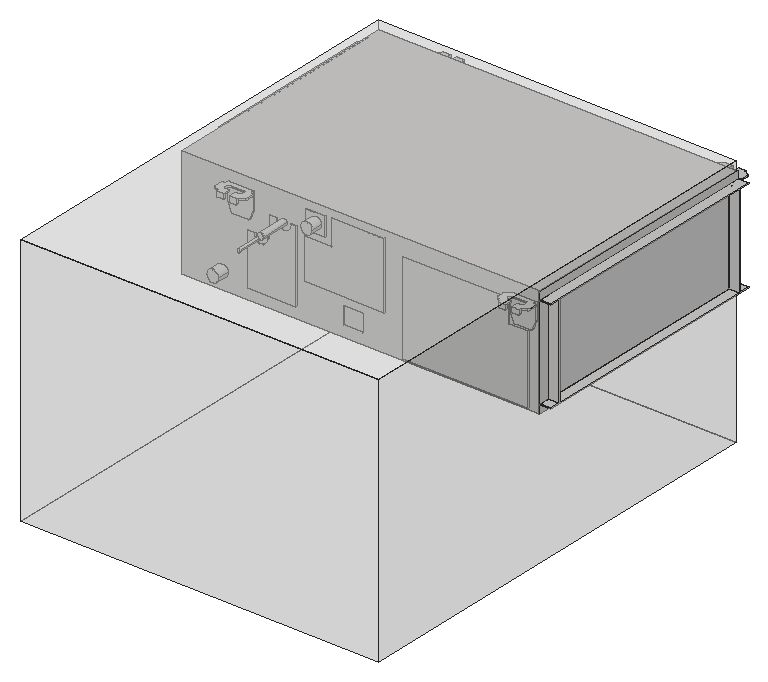
Revit family "outputfile", category 機械設備, Revit 2024
Family settings
  丸型コネクタ寸法 = 半径を使用
  パーツ タイプ = 標準
  OmniClass 番号 = 23.75.10.24.21.27.27
  OmniClass タイトル = Split System Air Conditioning Units
  作業面ベース = いいえ
  常に垂直 = はい
  ロード時にボイドで切り取り = いいえ
  注釈の向きを維持 = いいえ
  共有 = いいえ
  部屋計算ポイント = はい
Parameters (values of type "FXSA20AVM4")
  製造元 = "Daikin"
  書き出し IFC クラス(タイプ) = "IfcUnitaryEquipmentType"
  定義済み IFC タイプ(タイプ) = "AIRCONDITIONINGUNIT"
  モデル = "FXSA20AVM4"
  switch_frequency = yes
  r_Liquid Pipe Size = Liquid Pipe Size / 2  # 3.2 mm
  r_Gas Pipe Size = Gas Pipe Size / 2  # 6.35 mm
  r_Drain Pipe Size = Drain Pipe Size / 2  # 12.5 mm
  lw_power = 770.0 mm
  lh_SA = 138.0 mm
  lw_SA = if(Width = 550.0 mm, 225.0 mm, if(Width = 700.0 mm, 300.0 mm, if(Width = 1000.0 mm, 450.0 mm, if(Width = 1400.0 mm, 650.0 mm, 725.0 mm))))  # 225.0 mm
  lw_RA = if(Width = 550.0 mm, 275.0 mm, if(Width = 700.0 mm, 349.0 mm, if(Width = 1000.0 mm, 499.0 mm, if(Width = 1400.0 mm, 699.0 mm, 775.0 mm))))  # 275.0 mm
  lh_power = 60.0 mm + [h***]  # 60.0 mm
  lh_mountinghole1 = lh_mountinghole + [h***]  # 222.0 mm
  lh_RA = 123.0 mm
  ld_power = Width / 2  # 275.0 mm
  connector_voltage = Voltage_50Hz  # 220 V
  connector_powerinput = [Power Input (Cooling)]  # 0.058 kW
  connector_phase = Phase_50Hz  # 1
  Voltage_comment_60Hz = "220"
  Voltage_comment_50Hz = "220-240"
  Voltage_60Hz = 220 V
  Voltage_50Hz = 220 V
  Total Heating Capacity [instance] = 0.000 kW
  Supply Air Direction [instance] = yes
  Sound Power Level_H speed (dB) = 61
  Power Input (Heating) = 0.053 kW
  Phase_60Hz = 1
  Phase_50Hz = 1
  Nominal Heating Capacity = 2.500 kW
  Minimum External Static Pressure = 30.00 Pa
  Minimum Circuit Amps_60Hz = 0.8 A
  Minimum Circuit Amps_50Hz = 0.8 A
  Maximum Fuse Amps_60Hz = 16.0 A
  Maximum Fuse Amps_50Hz = 16.0 A
  Maximum External Static Pressure = 150.00 Pa
  Material_Casing = DAIKIN_GalvanizedSteel_Casing_indoorunit
  lw_mountinghole = 630.0 mm
  lh_gaspipe = 183.0 mm + [h***]  # 183.0 mm
  lh_mountinghole = 222.0 mm
  lh_liquidpipe = 136.0 mm + [h***]  # 136.0 mm
  lh_drainpipe = 207.0 mm + [h***]  # 207.0 mm
  lh_antena = Height - lh_mountinghole + 1.0 mm  # 24.0 mm
  ld_drainpipe = Width / 2 + 26.0 mm  # 301.0 mm
  ld_liquidpipe = 339.0 mm
  ld_gaspipe = Width / 2 + 65.0 mm  # 340.0 mm
  ld_mountinghole = Width + 38.0 mm  # 588.0 mm
  h*** = 0.0 mm
  lw_liquidpipe = 179.0 mm
  lw_gaspipe = 229.0 mm
  lw_drainpipe = 300.0 mm
  Width = 550.0 mm
  Version = "ver.1.0"
  Unit Type = "Duct_M.S.P."
  Unit Mass Weight = 25.00 kg
  Unit Designation [instance] = ""
  Uniclass2015Version = "Products v1.30"
  Uniclass2015Title = "Variable refrigerant flow units"
  Uniclass2015Code = "Pr_70_65_03_94"
  Total Cooling Capacity [instance] = 0.000 kW
  Sound Pressure Level_M speed (dBA) = 30
  Sound Pressure Level_L speed (dBA) = 28
  Sound Pressure Level_H speed (dBA) = 33
  Series = "VRV Fan Coil Unit"
  Sensible Cooling Capacity [instance] = 0.000 kW
  SA Duct Size Width = 337.0 mm
  SA Duct Size Height = 176.0 mm
  Refrigerant Type = "R32"
  RA Duct Size Width = 502.0 mm
  RA Duct Size Height = 208.0 mm
  Power Input (Cooling) = 0.058 kW
  Option Accessory 3 [instance] = ""
  Option Accessory 2 [instance] = ""
  Option Accessory 1 [instance] = ""
  Nominal Cooling Capacity = 2.200 kW
  Minimum Airflow = 390.00 m³/h
  Median Airflow = 450.00 m³/h
  Maximum Airflow = 540.00 m³/h
  Load Classification = HVAC
  Liquid Pipe Size = 6.4 mm
  Link_Nested Family [instance] = ""
  IfcVersion = ""
  IfcExportType = "AIRCONDITIONINGUNIT"
  IfcExportAs = "IfcUnitaryEquipmentType"
  Height = 245.0 mm
  Heating Entering Wet Bulb Temperature [instance] = -273.15 °C
  Heating Entering Dry Bulb Temperature [instance] = -273.15 °C
  Heating Ambient Wet Bulb Temperature [instance] = -273.15 °C
  Heating Ambient Dry Bulb Temperature [instance] = -273.15 °C
  Heat Exchanger Type = "Cross Fin Coil"
  Gas Pipe Size = 12.7 mm
  Frequency_60Hz = 60 Hz
  Frequency_50Hz = 50 Hz
  Fan Type = "Sirocco Fan"
  Fan Drive = "Direct Drive"
  FCU Tag No. [instance] = ""
  Drain Pipe Size = 25.0 mm
  Design Supply Airflow [instance] = 0.00 m³/h
  Design Return Airflow [instance] = 0.00 m³/h
  Design External Static Pressure [instance] = 0.00 Pa
  Depth = 800.0 mm
  既定の高さ = 0.0 mm
  Cooling Entering Wet Bulb Temperature [instance] = 0.00 °C
  Cooling Entering Dry Bulb Temperature [instance] = 0.00 °C
  Cooling Ambient Wet Bulb Temperature [instance] = 0.00 °C
  Cooling Ambient Dry Bulb Temperature [instance] = 0.00 °C
  Clearance visibility [instance] = yes
  Clearance Top = 20.0 mm
  Clearance Right = 0.0 mm
  Clearance Rear = 0.0 mm
  Clearance Left = 0.0 mm
  Clearance Front = 450.0 mm
  Clearance Bottom = 300.0 mm
Reference planes
  plane 1 "Center (Front/Back)": y = 0
  plane 2 "h": z = 0
  plane 3 "Center (Left/Right)": x = 0
  plane 4 "Back": y = 275
  plane 5 "Front": y = -275
  plane 6 "Left": x = -400
  plane 7 "Right": x = 400
  plane 8 "Top": z = 0
  plane 9 "Bottom": z = -245
  plane 10: y = -215
  plane 11: y = 275
  plane 12: y = -725
  plane 13: x = -400
  plane 14: x = 400
  plane 15: z = 20
  plane 16: z = -545
  plane 17: x = -400
  plane 18: x = -399
  plane 19: x = 399
  plane 20: y = 50
  plane 21: y = 0
  plane 22: z = -122
  plane 23: y = -276
  plane 24: z = -109
  plane 25: x = -221
  plane 26: y = -340
  plane 27: z = -62
  plane 28: x = -171
  plane 29: y = -301
  plane 30: z = -38
  plane 31: x = -100
  plane 32: x = -100
  plane 33: x = -221
  plane 34: x = -171
  plane 35: x = 370
  plane 36: x = -266
  plane 37: x = 364
  plane 38: y = -294
  plane 39: y = 294
  plane 40: z = -23
  plane 41: z = -107
  plane 42: y = -339
  plane 43: z = -207
  plane 44: x = -309
  plane 45: y = -376
  plane 46: x = -251
  plane 47: x = -203
  plane 48: x = -144
  plane 49: z = -59
  plane 50: z = -106
  plane 51: z = -221
  plane 52: z = -109
  plane 53: x = -221
  plane 54: z = -62
  plane 55: x = -171
  plane 56: z = -17
  plane 57: z = -59
  plane 58: x = -121
  plane 59: x = -79
  plane 60: x = -125
  plane 61: x = -64
  plane 62: x = 53
  plane 63: z = -164
  plane 64: z = -73
  plane 65: z = -16
  plane 66: x = 93.5
  plane 67: x = 374.5
  plane 68: x = 330
  plane 69: z = -88.5
  plane 70: z = -38
  plane 71: z = -242.5
  plane 72: x = -38.5
  plane 73: x = 6.5
  plane 74: z = -181
  plane 75: z = -221
  plane 76: y = -274
  plane 77: x = -424
  plane 78: x = 424
Forms (mm)
  Extrusion 1, solid, material "DAIKIN_GalvanizedSteel_Casing_indoorunit" <- "Material_Casing"
    sketch origin (0, 0, 0) x (1, 0, 0) y (0, 1, 0)
      loop
        line (-399, 275) -> (-399, -275) -> (399, -275) -> (399, 275) -> (-399, 275)
    from -245 to 0
  Extrusion 2, solid, material "DAIKIN_GalvanizedSteel_Casing_indoorunit" <- "Material_Casing"
    sketch origin (0, 0, 0) x (1, 0, 0) y (0, 0, 1)
      loop
        line (-251, -221) -> (-144, -221) -> (-144, -59) -> (-154.47, -59)
        arc (-154.47, -59) -> (-171, -78.8) -> (-187.53, -59) r 16.8
        line (-187.53, -59) -> (-203, -59) -> (-203, -106) -> (-206.916, -106)
        arc (-206.916, -106) -> (-221, -123.4) -> (-235.084, -106) r 14.4
        line (-235.084, -106) -> (-251, -106) -> (-251, -221)
    from 275 to 276
  Extrusion 3, solid, material "DAIKIN_GalvanizedSteel_Casing_indoorunit" <- "Material_Casing"
    sketch origin (0, 0, 0) x (1, 0, 0) y (0, 0, 1)
      loop
        line (-121, -17) -> (-121, -59) -> (-79, -59) -> (-79, -17) -> (-121, -17)
      loop
        line (-125, -73) -> (-125, -164) -> (53, -164) -> (53, -16) -> (-64, -16) -> (-64, -73) -> (-125, -73)
    from 275 to 276
  Extrusion 4, solid, material "DAIKIN_GalvanizedSteel_Casing_indoorunit" <- "Material_Casing"
    sketch origin (0, 0, 0) x (1, 0, 0) y (0, 0, 1)
      loop
        line (93.5, -38) -> (93.5, -242.5) -> (374.5, -242.5) -> (374.5, -88.5) -> (330, -88.5) -> (330, -38) -> (93.5, -38)
    from 275 to 276
  Extrusion 5, solid, material "DAIKIN_GalvanizedSteel_Casing_indoorunit" <- "Material_Casing"
    sketch origin (0, 0, 0) x (1, 0, 0) y (0, 0, 1)
      loop
        circle (-221, -109) r 3.2
    from 275 to 339
  Extrusion 6, solid, material "DAIKIN_GalvanizedSteel_Casing_indoorunit" <- "Material_Casing"
    sketch origin (0, 0, 0) x (1, 0, 0) y (0, 0, 1)
      loop
        circle (-171, -62) r 6.35
    from 275 to 340
  Extrusion 7, solid, material "DAIKIN_GalvanizedSteel_Casing_indoorunit" <- "Material_Casing"
    sketch origin (0, 0, 0) x (1, 0, 0) y (0, 0, 1)
      loop
        circle (-100, -38) r 12.5
    from 276 to 301
  Extrusion 8, solid, material "DAIKIN_GalvanizedSteel_Casing_indoorunit" <- "Material_Casing"
    sketch origin (0, 0, 0) x (1, 0, 0) y (0, 0, 1)
      loop
        circle (-309, -207) r 13
    from 275 to 301
  Extrusion 9, void
    sketch origin (0, 0, 0) x (1, 0, 0) y (0, 0, 1)
      loop
        line (-38.5, -181) -> (-38.5, -221) -> (6.5, -221) -> (6.5, -181) -> (-38.5, -181)
    from 274 to 275
Cuts and joins
  Extrusion 9 cuts Extrusion 1
Dimensions and locks
  "Height": plane 8 "Top" to plane 9 "Bottom"
  equal spacing: plane 4 "Back", plane 1 "Center (Front/Back)", plane 5 "Front"
  "Width": plane 4 "Back" to plane 5 "Front"
  equal spacing: plane 6 "Left", plane 3 "Center (Left/Right)", plane 7 "Right"
  "Depth": plane 6 "Left" to plane 7 "Right"
  "Clearance Left": plane 13 to plane 6 "Left"
  "Clearance Right": plane 7 "Right" to plane 14
  "Clearance Rear": plane 11 to plane 4 "Back"
  "Clearance Front": plane 5 "Front" to plane 12
  "Clearance Top": plane 15 to plane 8 "Top"
  "Clearance Bottom": plane 9 "Bottom" to plane 16
  locked: plane 17 to plane 18 at 1
  locked: plane 19 to plane 14 at 1
  "lw_SA": plane 11 to plane 20
  "lw_RA": plane 21 to plane 5 "Front"
  "lh_RA": plane 22 to plane 9 "Bottom"
  locked: plane 5 "Front" to plane 23 at 1
  "lw_liquidpipe": plane 25 to plane 6 "Left"
  "lh_liquidpipe": plane 24 to plane 9 "Bottom"
  "lh_gaspipe": plane 27 to plane 9 "Bottom"
  "lw_gaspipe": plane 28 to plane 6 "Left"
  "ld_gaspipe": plane 26 to plane 1 "Center (Front/Back)"
  "ld_drainpipe": plane 29 to plane 1 "Center (Front/Back)"
  "lh_drainpipe": plane 30 to plane 9 "Bottom"
  "lw_drainpipe": plane 31 to plane 6 "Left"
  "lw_drainpipe": plane 6 "Left" to plane 32
  "lw_liquidpipe": plane 6 "Left" to plane 33
  "lw_gaspipe": plane 6 "Left" to plane 34
  "lw_power": plane 6 "Left" to plane 35
  locked: plane 17 to plane 36 at 134
  "lw_mountinghole": plane 36 to plane 37
  equal spacing: plane 38, plane 1 "Center (Front/Back)", plane 39
  "ld_mountinghole": plane 39 to plane 38
  "lh_mountinghole": plane 40 to plane 9 "Bottom"
  "lh_SA": plane 41 to plane 9 "Bottom"
  locked: plane 44 to plane 6 "Left" at 91
  locked: plane 43 to plane 9 "Bottom" at 38
  plane 48 to plane 47 to plane 46 to plane 6 "Left" = 59.0 mm, 48.0 mm, 149.0 mm
  plane 8 "Top" to plane 49 to plane 50 to plane 51 = 59.0 mm locked, 47.0 mm locked, 115.0 mm locked
  plane 55 to plane 53 to plane 6 "Left" = 50.0 mm locked, 179.0 mm locked
  plane 54 to plane 52 to plane 9 "Bottom" = 47.0 mm locked, 136.0 mm locked
  plane 59 to plane 58 to plane 6 "Left" = 42.0 mm locked, 279.0 mm locked
  plane 8 "Top" to plane 56 to plane 57 = 17.0 mm locked, 42.0 mm locked
  plane 62 to plane 61 to plane 60 to plane 6 "Left" = 117.0 mm, 61.0 mm, 275.0 mm
  plane 8 "Top" to plane 65 to plane 64 = 16.0 mm locked, 57.0 mm locked
  locked: plane 65 to plane 63 at 148
  plane 8 "Top" to plane 70 to plane 69 to plane 71 = 38.0 mm locked, 50.5 mm locked, 154.0 mm locked
  plane 67 to plane 68 to plane 66 to plane 6 "Left" = 44.5 mm locked, 236.5 mm locked, 493.5 mm locked
  plane 8 "Top" to plane 74 to plane 75 = 181.0 mm locked, 40.0 mm locked
  plane 73 to plane 72 to plane 6 "Left" = 45.0 mm, 361.5 mm
  locked: plane 76 to plane 5 "Front" at 1
  locked: plane 77 to plane 17 at 24
  locked: plane 14 to plane 78 at 24
  "ld_liquidpipe": plane 42 to plane 1 "Center (Front/Back)"
  "r_Liquid Pipe Size": radius of Extrusion 5 sketch curve
  "r_Gas Pipe Size": radius of Extrusion 6 sketch curve
  "r_Drain Pipe Size": radius of Extrusion 7 sketch curve
  aligned and locked: level to plane 2 "h"
  aligned and locked: plane 8 "Top" to Extrusion 1
  aligned and locked: Extrusion 1 to plane 9 "Bottom"
  aligned and locked: nested 5 to plane 12
  aligned and locked: plane 13 to nested 5
  aligned and locked: plane 14 to nested 5
  aligned and locked: nested 5 to plane 13
  aligned and locked: plane 11 to nested 5
  aligned and locked: plane 15 to nested 5
  aligned and locked: plane 16 to nested 5
  aligned and locked: plane 5 "Front" to Extrusion 1 sketch curve
  aligned and locked: Extrusion 1 to plane 18
  aligned and locked: plane 19 to Extrusion 1
  aligned and locked: nested 7 to plane 18
  aligned and locked: nested 7 to plane 20
  aligned and locked: plane 19 to nested 8
  aligned and locked: plane 21 to nested 8
  aligned and locked: plane 22 to nested 8
  aligned and locked: Extrusion 2 to plane 23
  aligned and locked: plane 5 "Front" to Extrusion 2
  aligned and locked: Extrusion 3 to plane 23
  aligned and locked: plane 5 "Front" to Extrusion 3
  aligned and locked: plane 5 "Front" to Extrusion 4
  aligned and locked: Extrusion 5 sketch curve to plane 25
  aligned and locked: plane 24 to Extrusion 5 sketch curve
  aligned and locked: plane 5 "Front" to Extrusion 5
  aligned and locked: Extrusion 6 sketch curve to plane 28
  aligned and locked: plane 27 to Extrusion 6 sketch curve
  aligned and locked: plane 5 "Front" to Extrusion 6
  aligned and locked: Extrusion 7 sketch curve to plane 31
  aligned and locked: Extrusion 7 sketch curve to plane 30
  aligned and locked: Extrusion 7 to plane 29
  aligned and locked: plane 23 to Extrusion 7
  aligned and locked: nested 3 to plane 29
  aligned and locked: plane 32 to nested 3
  aligned and locked: nested 2 to plane 33
  aligned and locked: nested 1 to plane 34
  aligned and locked: Extrusion 6 to plane 26
  aligned and locked: nested 1 to plane 26
  aligned and locked: nested 6 to plane 5 "Front"
  aligned and locked: plane 35 to nested 6
  aligned and locked: plane 36 to nested 10
  aligned and locked: nested 10 to plane 5 "Front"
  aligned and locked: plane 37 to nested 9
  aligned and locked: nested 9 to plane 5 "Front"
  aligned and locked: nested 11 to plane 36
  aligned and locked: plane 4 "Back" to nested 11
  aligned and locked: nested 12 to plane 37
  aligned and locked: plane 4 "Back" to nested 12
  aligned and locked: plane 40 to nested 10
  aligned and locked: plane 40 to nested 11
  aligned and locked: plane 40 to nested 9
  aligned and locked: plane 40 to nested 12
  aligned and locked: plane 36 to nested 14
  aligned and locked: nested 14 to plane 39
  aligned and locked: plane 37 to nested 13
  aligned and locked: nested 13 to plane 39
  aligned and locked: plane 37 to nested 16
  aligned and locked: plane 38 to nested 16
  aligned and locked: plane 38 to nested 15
  aligned and locked: plane 36 to nested 15
  aligned and locked: plane 17 to plane 6 "Left"
  aligned and locked: plane 41 to nested 7
  aligned and locked: Extrusion 5 to plane 42
  aligned and locked: nested 2 to plane 42
  aligned and locked: Extrusion 8 sketch curve to plane 44
  aligned and locked: plane 43 to Extrusion 8 sketch curve
  aligned and locked: plane 5 "Front" to Extrusion 8
  aligned and locked: Extrusion 3 sketch curve to plane 56
  aligned and locked: Extrusion 3 sketch curve to plane 58
  aligned and locked: plane 57 to Extrusion 3 sketch curve
  aligned and locked: plane 59 to Extrusion 3 sketch curve
  aligned and locked: Extrusion 4 to plane 23
  aligned and locked: Extrusion 9 sketch curve to plane 74
  aligned and locked: plane 75 to Extrusion 9 sketch curve
  aligned and locked: plane 73 to Extrusion 9 sketch curve
  aligned and locked: plane 5 "Front" to Extrusion 9
  aligned and locked: plane 76 to Extrusion 9
  aligned and locked: nested 17 to plane 20
  aligned and locked: nested 17 to plane 77
  aligned and locked: plane 21 to nested 18
  aligned and locked: plane 78 to nested 18
  aligned and locked: plane 41 to nested 17
  aligned and locked: nested 18 to plane 22
  aligned and locked: nested 4 to plane 3 "Center (Left/Right)"
  aligned and locked: plane 1 "Center (Front/Back)" to nested 4
  aligned and locked: level to plane 8 "Top"
  aligned and locked: Extrusion 8 to plane 29
Automatic sketch dimensions
  plane 6 "Left" to Extrusion 1 sketch curve = 1.0 mm
  Extrusion 1 sketch curve to plane 7 "Right" = 1.0 mm
  Extrusion 1 sketch curve to plane 4 "Back" = 0.0 mm
  Extrusion 2 sketch curve to plane 46 = 0.0 mm
  Extrusion 2 sketch curve to plane 33 = 0.0 mm
  Extrusion 2 sketch curve to plane 47 = 0.0 mm
  Extrusion 2 sketch curve to plane 34 = 0.0 mm
  Extrusion 2 sketch curve to plane 48 = 0.0 mm
  Extrusion 2 sketch curve to plane 51 = 0.0 mm
  Extrusion 2 sketch curve to plane 52 = 0.0 mm
  Extrusion 2 sketch curve to plane 50 = 0.0 mm  (x3)
  Extrusion 2 sketch curve to plane 54 = 0.0 mm
  Extrusion 2 sketch curve to plane 49 = 0.0 mm  (x3)
  plane 33 to Extrusion 2 sketch curve = 14.084 mm
  plane 34 to Extrusion 2 sketch curve = 16.53 mm
  Extrusion 3 sketch curve to plane 60 = 0.0 mm
  Extrusion 3 sketch curve to plane 61 = 0.0 mm
  Extrusion 3 sketch curve to plane 62 = 0.0 mm
  Extrusion 3 sketch curve to plane 63 = 0.0 mm
  Extrusion 3 sketch curve to plane 64 = 0.0 mm
  Extrusion 3 sketch curve to plane 65 = 0.0 mm
  Extrusion 4 sketch curve to plane 66 = 0.0 mm
  Extrusion 4 sketch curve to plane 68 = 0.0 mm
  Extrusion 4 sketch curve to plane 67 = 0.0 mm
  Extrusion 4 sketch curve to plane 71 = 0.0 mm
  Extrusion 4 sketch curve to plane 69 = 0.0 mm
  Extrusion 4 sketch curve to plane 70 = 0.0 mm
  Extrusion 9 sketch curve to plane 72 = 0.0 mm
  radius of Extrusion 8 sketch curve = 13.0 mm
Nested families
  nested 1: "daikin_connector_rotate2" at (-171, 0, -62), length <- "ld_gaspipe", built-in parameter 1001364 <- "lh_gaspipe", radius <- "r_Gas Pipe Size", type "daikin_connector_rotate2"
    with radius 6.35 mm, length 340.0 mm, angle_vertical 90.00°
  nested 2: "daikin_connector_rotate2" at (-221, 0, -109), length <- "ld_liquidpipe", built-in parameter 1001364 <- "lh_liquidpipe", radius <- "r_Liquid Pipe Size", type "daikin_connector_rotate2"
    with radius 3.2 mm, length 339.0 mm, angle_vertical 90.00°
  nested 3: "daikin_connector_rotate2" at (-100, 0, -38), length <- "ld_drainpipe", built-in parameter 1001364 <- "lh_drainpipe", radius <- "r_Drain Pipe Size", type "daikin_connector_rotate2"
    with radius 12.5 mm, length 301.0 mm, angle_vertical 90.00°
  nested 4: "daikin_△_symbolicline" at (0, 0, 245) x (0, -1, 0) z (0, 0, 1), built-in parameter 1001364 <- "Height", visible <- "Supply Air Direction", type "daikin_△_symbolicline"
    with length 200.0 mm
  nested 5: "daikin_clearancespace" at (0, -225, -262.381), visible <- "Clearance visibility", show <- "Clearance visibility", Link_Nested Family <- "Link_Nested Family", type "daikin_clearancespace"
    with width 800.0 mm, show yes, height 565.0 mm, depth 1000.0 mm, Link_Nested Family ""
  nested 6: "daikin_connector_rotate2" at (370, 0, -185), built-in parameter 1001364 <- "lh_power", length <- "ld_power", type "daikin_connector_rotate2"
    with radius 10.0 mm, length 275.0 mm, angle_vertical 90.00°
  nested 7: "daikin_ductflange_FXFSA-AVM4_2" at (-399, 50, -107) x (0, -1, 0) z (0, 0, 1), type "daikin_ductflange_FXFSA-AV4_2"
    with width 337.0 mm, w1 24.0 mm, w 550.0 mm
  nested 8: "daikin_ductflange_FXFSA-AVM4" at (399, 0, -122) x (0, 1, 0) z (0, 0, 1), type "daikin_ductflange_FXFSA-AVM4"
    with width 502.0 mm, lw 25.0 mm, w 550.0 mm
  nested 9: "FXFSA-AVM4" at (364, -275, -23), type "daikin_hangerfixture_FXSA-AVM4"
  nested 10: "FXFSA-AVM4" at (-266, -275, -23), type "daikin_hangerfixture_FXSA-AVM4"
  nested 11: "FXFSA-AVM4" at (-266, 275, -23) x (-1, 0, 0) z (0, 0, 1), type "daikin_hangerfixture_FXSA-AVM4"
  nested 12: "FXFSA-AVM4" at (364, 275, -23) x (-1, 0, 0) z (0, 0, 1), type "daikin_hangerfixture_FXSA-AVM4"
  nested 13: "daikin_mountinghole" at (364, 294, -245), h_mountinghole <- "lh_mountinghole1", l_antenna <- "lh_antena", Link_Nested Family <- "Link_Nested Family", type "daikin_mountinghole"
    with show yes, l_antenna 24.0 mm, h_mountinghole 222.0 mm, Link_Nested Family ""
  nested 14: "daikin_mountinghole" at (-266, 294, -245), h_mountinghole <- "lh_mountinghole1", l_antenna <- "lh_antena", Link_Nested Family <- "Link_Nested Family", type "daikin_mountinghole"
    with show yes, l_antenna 24.0 mm, h_mountinghole 222.0 mm, Link_Nested Family ""
  nested 15: "daikin_mountinghole" at (-266, -294, -245), h_mountinghole <- "lh_mountinghole1", l_antenna <- "lh_antena", Link_Nested Family <- "Link_Nested Family", type "daikin_mountinghole"
    with show yes, l_antenna 24.0 mm, h_mountinghole 222.0 mm, Link_Nested Family ""
  nested 16: "daikin_mountinghole" at (364, -294, -245), h_mountinghole <- "lh_mountinghole1", l_antenna <- "lh_antena", Link_Nested Family <- "Link_Nested Family", type "daikin_mountinghole"
    with show yes, l_antenna 24.0 mm, h_mountinghole 222.0 mm, Link_Nested Family ""
  nested 17: "daikin_connector_rotate2" at (-400, 50, -107) x (0, -1, 0) z (0, 0, 1), type "daikin_connector_rotate2"
    with radius 10.0 mm, length 24.0 mm, angle_vertical 90.00°
  nested 18: "daikin_connector_rotate2" at (400, 0, -122) x (0, 1, 0) z (0, 0, 1), type "daikin_connector_rotate2"
    with radius 10.0 mm, length 24.0 mm, angle_vertical 90.00°
Connectors
  piping at (-100, -301, -38), diameter 25, driven by "r_Drain Pipe Size"
    settings: on nested 3, index 3, connector inside diameter 609.6 mm, connector length 0.0 mm, flow factor 0, pipe flow 0.00 m³/h, pressure drop 0.0 Pa, fitting loss kfactor 0, connector angle 0.00°, fixture units 0, engagement length 0.0 mm, angle of deflection 0.00°, flow configuration 1, flow direction 2, fitting loss method 4, system type 16, joint type 0, gender type 0, connector reference index -1, connector utility 0, adjustable connector no, is connector primary yes, connector description "Condensate Drain Piping"
  piping at (-171, -340, -62), diameter 12.7, driven by "r_Gas Pipe Size"
    settings: on nested 1, index 4, connector inside diameter 609.6 mm, connector length 0.0 mm, flow factor 0, pipe flow 0.00 m³/h, pressure drop 0.0 Pa, fitting loss kfactor 0, connector angle 0.00°, fixture units 0, engagement length 0.0 mm, angle of deflection 0.00°, flow configuration 1, flow direction 2, fitting loss method 0, system type 29, joint type 0, gender type 0, connector reference index -1, connector utility 0, adjustable connector no, is connector primary no, connector description "Refrigerant Gas Piping"
  piping at (-221, -339, -109), diameter 6.4, driven by "r_Liquid Pipe Size"
    settings: on nested 2, index 5, connector inside diameter 609.6 mm, connector length 0.0 mm, flow factor 0, pipe flow 0.00 m³/h, pressure drop 0.0 Pa, fitting loss kfactor 0, connector angle 0.00°, fixture units 0, engagement length 0.0 mm, angle of deflection 0.00°, flow configuration 1, flow direction 1, fitting loss method 0, system type 29, joint type 0, gender type 0, connector reference index -1, connector utility 0, adjustable connector no, is connector primary no, connector description "Refrigerant Liquid Piping"
  electrical at (370, -275, -185), driven by "Load Classification", driven by "connector_voltage", driven by "connector_phase", driven by "connector_powerinput"
    settings: on nested 6, index 6, voltage 220 V, apparent load 58 VA, apparent load phase1 0 VA, apparent load phase2 0 VA, apparent load phase3 0 VA, power factor 1, load classification "HVAC", number of poles 1, system type 30, power factor state 1, is connector primary yes, connector utility no, sub classification motor no, connector description "Power Supply"
  hvac at (-424, 50, -107), driven by "SA Duct Size Height", driven by "SA Duct Size Width"
    settings: on nested 17, index 7, duct flow 0.00 m³/h, flow factor 0, pres drop 0.00 Pa, loss coef 0, conn angle 0.00°, conn width 337.0 mm, conn height 176.0 mm, conn diameter 609.6 mm, duct sys type 1, conn prof type 1, flow config 0, flow direction 2, loss method 4, conn ref index -1, conn util no, is conn primary yes, conn desc "SA Duct"
  hvac at (424, 0, -122), driven by "RA Duct Size Height", driven by "RA Duct Size Width"
    settings: on nested 18, index 8, duct flow 0.00 m³/h, flow factor 0, pres drop 0.00 Pa, loss coef 0, conn angle 0.00°, conn width 502.0 mm, conn height 208.0 mm, conn diameter 609.6 mm, duct sys type 2, conn prof type 1, flow config 0, flow direction 1, loss method 4, conn ref index -1, conn util no, is conn primary no, conn desc "RA Duct"
Definition of nested family "daikin_clearancespace"
  Parameters (values of type "daikin_clearancespace")
    Description = "daikin_clearancespace"
    width [instance] = 1823.963 mm
    show [instance] = yes
    material = none
    height [instance] = 1359.762 mm
    depth [instance] = 880.0 mm
    Default Elevation = 0.0 mm
    Link_Nested Family [instance] = ""
  Reference planes
    plane 1 "Center (Front/Back)": y = 0
    plane 2 "Center (Elevation)": z = -0.119
    plane 3 "Center (Left/Right)": x = 0
    plane 4: y = 440
    plane 5: y = -440
    plane 6 "Right": x = 911.982
    plane 7 "Left": x = -911.982
    plane 8 "Top": z = 679.762
    plane 9 "Bottom": z = -680
  Forms (mm)
    Extrusion 1, solid, material <- "material", visible <- "show"
      sketch origin (0, 0, 0) x (1, 0, 0) y (0, 1, 0)
        loop
          line (-911.982, 440) -> (-911.982, -440) -> (911.982, -440) -> (911.982, 440) -> (-911.982, 440)
      from -680 to 679.762
  Lines and regions (mm)
    symbolic lines, visible <- "show"
      curve 1: line (911.982, 440, 0) -> (-911.982, 440, 0)
      curve 2: line (-911.982, 440, 0) -> (-911.982, -440, 0)
      curve 3: line (-911.982, -440, 0) -> (911.982, -440, 0)
      curve 4: line (911.982, -440, 0) -> (911.982, 440, 0)
      curve 5: line (911.982, 0, 679.762) -> (-911.982, 0, 679.762)
      curve 6: line (911.982, 0, -680) -> (911.982, 0, 679.762)
      curve 7: line (-911.982, 0, -680) -> (911.982, 0, -680)
      curve 8: line (-911.982, 0, 679.762) -> (-911.982, 0, -680)
      curve 9: line (0, 440, 679.762) -> (0, -440, 679.762)
      curve 10: line (0, -440, 679.762) -> (0, -440, -680)
      curve 11: line (0, 440, -680) -> (0, 440, 679.762)
      curve 12: line (0, -440, -680) -> (0, 440, -680)
  Dimensions and locks
    "width": plane 7 "Left" to plane 6 "Right"
    "depth": plane 4 to plane 5
    "height": plane 8 "Top" to plane 9 "Bottom"
    equal spacing: plane 7 "Left", plane 3 "Center (Left/Right)", plane 6 "Right"
    equal spacing: plane 4, plane 1 "Center (Front/Back)", plane 5
    equal spacing: plane 8 "Top", plane 2 "Center (Elevation)", plane 9 "Bottom"
    aligned and locked: level to plane 2 "Center (Elevation)"
    aligned and locked: Extrusion 1 sketch curve to plane 4
    aligned and locked: plane 7 "Left" to Extrusion 1 sketch curve
    aligned and locked: Extrusion 1 sketch curve to plane 5
    aligned and locked: Extrusion 1 sketch curve to plane 6 "Right"
    aligned and locked: plane 8 "Top" to Extrusion 1
    aligned and locked: curve 1 to Extrusion 1
    aligned and locked: curve 2 to Extrusion 1
    aligned and locked: curve 3 to Extrusion 1
    aligned and locked: curve 4 to Extrusion 1
    aligned and locked: curve 5 to Extrusion 1
    aligned and locked: curve 6 to Extrusion 1
    aligned and locked: curve 7 to Extrusion 1
    aligned and locked: curve 8 to Extrusion 1
    aligned and locked: curve 9 to Extrusion 1
    aligned and locked: curve 10 to Extrusion 1
    aligned and locked: curve 11 to Extrusion 1
    aligned and locked: curve 12 to Extrusion 1
    aligned and locked: Extrusion 1 to plane 9 "Bottom"
Definition of nested family "daikin_ductflange_FXFSA-AVM4_2"
  Parameters (values of type "daikin_ductflange_FBA-BVMA2")
    width = if(w = 550.0 mm, 337.0 mm, if(w = 700.0 mm, 492.0 mm, if(w = 1000.0 mm, 792.0 mm, if(w = 1400.0 mm, 1192.0 mm, 1337.0 mm))))  # 492.0 mm
    w1 = if(w = 550.0 mm, 24.0 mm, if(w = 700.0 mm, 21.5 mm, if(w = 1000.0 mm, 21.5 mm, if(w = 1400.0 mm, 21.5 mm, 24.0 mm))))  # 21.5 mm
    material = none
    height = 215.0 mm
    depth = 1.0 mm
    w = 700.0 mm
    Default Elevation = 0.0 mm
  Reference planes
    plane 1 "Center (Front/Back)": y = 0
    plane 2: z = 0
    plane 3 "Center (Left/Right)": x = 0
    plane 4: z = 88
    plane 5: z = -88
    plane 6: y = -25
    plane 7: z = 106
    plane 8: z = 89
    plane 9: y = -1
    plane 10: x = -267.5
    plane 11: x = 267.5
    plane 12: z = -106
    plane 13: z = -89
    plane 14: y = -1
    plane 15: x = 246
    plane 16: x = -246
    plane 17: x = 247
    plane 18: z = 87
    plane 19: z = -87
    plane 20: x = -247
    plane 21: z = 87
    plane 22: z = -87
    plane 23: y = -1
  Forms (mm)
    Extrusion 1, solid, material <- "material"
      sketch origin (0, 0, 0) x (0, 1, 0) y (0, 0, 1)
        loop
          line (-25, 88) -> (0, 88) -> (0, 106) -> (-1, 106) -> (-1, 89) -> (-25, 89) -> (-25, 88)
      from -267.5 to 267.5
    Extrusion 2, solid, material <- "material"
      sketch origin (0, 0, 0) x (0, 1, 0) y (0, 0, 1)
        loop
          line (-25, -88) -> (-25, -89) -> (-1, -89) -> (-1, -106) -> (0, -106) -> (0, -88) -> (-25, -88)
      from -267.5 to 267.5
    Extrusion 3, solid, material <- "material"
      sketch origin (0, 0, 0) x (1, 0, 0) y (0, 0, 1)
        loop
          line (246, 88) -> (246, -88) -> (267.5, -88) -> (267.5, -87) -> (247, -87) -> (247, 87) -> (267.5, 87) -> (267.5, 88) -> (246, 88)
      from 0 to 25
    Extrusion 4, solid, material <- "material"
      sketch origin (0, 0, 0) x (1, 0, 0) y (0, 0, 1)
        loop
          line (-267.5, 88) -> (-267.5, 87) -> (-247, 87) -> (-247, -87) -> (-267.5, -87) -> (-267.5, -88) -> (-246, -88) -> (-246, 88) -> (-267.5, 88)
      from 0 to 25
    Extrusion 5, solid, material <- "material"
      sketch origin (0, 0, 0) x (1, 0, 0) y (0, 0, 1)
        loop
          line (-267.5, 88) -> (-267.5, -88) -> (-246, -88) -> (-246, 88) -> (-267.5, 88)
        loop
          line (267.5, 88) -> (246, 88) -> (246, -88) -> (267.5, -88) -> (267.5, 88)
      from 0 to 1
  Cuts and joins
    joined: Extrusion 1, Extrusion 2, Extrusion 3, Extrusion 4, Extrusion 5
  Dimensions and locks
    plane 4 to level to plane 5 = 88.0 mm, 88.0 mm
    locked: plane 6 to plane 1 "Center (Front/Back)" at 25
    locked: plane 9 to plane 1 "Center (Front/Back)" at 1
    locked: plane 8 to plane 4 at 1
    "w1": plane 16 to plane 10
    locked: plane 17 to plane 15 at 1
    locked: plane 4 to plane 18 at 1
    locked: plane 19 to plane 5 at 1
    "width": plane 15 to plane 16
    plane 4 to plane 5 = 176.0 mm
    locked: plane 16 to plane 20 at 1
    locked: plane 4 to plane 21 at 1
    locked: plane 22 to plane 5 at 1
    locked: plane 23 to plane 1 "Center (Front/Back)" at 1
    plane 4 to level to plane 5 = 88.0 mm locked, 88.0 mm locked
    locked: plane 5 to plane 13 at 1
    locked: plane 5 to plane 12 at 18
    locked: plane 7 to plane 4 at 18
    equal spacing: plane 15, plane 3 "Center (Left/Right)", plane 16
    "w1": plane 11 to plane 15
    plane 11 to plane 10 = 535.0 mm
    aligned and locked: level to plane 2
    aligned and locked: Extrusion 1 to plane 10
    aligned and locked: plane 11 to Extrusion 1
    aligned and locked: plane 5 to Extrusion 2
    aligned and locked: Extrusion 2 to plane 1 "Center (Front/Back)"
    aligned and locked: plane 15 to Extrusion 3 sketch curve
    aligned and locked: Extrusion 3 sketch curve to Extrusion 2  (x2)
    aligned and locked: Extrusion 3 sketch curve to plane 11
    aligned and locked: plane 6 to Extrusion 3
    aligned and locked: Extrusion 2 to plane 10
    aligned and locked: plane 11 to Extrusion 2
    aligned and locked: Extrusion 4 sketch curve to Extrusion 1  (x2)
    aligned and locked: plane 5 to Extrusion 4 sketch curve
    aligned and locked: Extrusion 4 sketch curve to plane 16
    aligned and locked: Extrusion 4 sketch curve to plane 22
    aligned and locked: plane 20 to Extrusion 4 sketch curve
    aligned and locked: plane 21 to Extrusion 4 sketch curve
    aligned and locked: Extrusion 4 to plane 1 "Center (Front/Back)"
    aligned and locked: plane 6 to Extrusion 4
    aligned and locked: Extrusion 5 sketch curve to Extrusion 1  (x4)
    aligned and locked: Extrusion 5 sketch curve to Extrusion 4  (x2)
    aligned and locked: Extrusion 5 sketch curve to Extrusion 3  (x2)
    aligned and locked: Extrusion 5 to plane 1 "Center (Front/Back)"
    aligned and locked: plane 23 to Extrusion 5
  Automatic sketch dimensions
    Extrusion 1 sketch curve to plane 6 = 0.0 mm
    Extrusion 1 sketch curve to plane 7 = 0.0 mm
    Extrusion 1 sketch curve to plane 9 = 0.0 mm
    Extrusion 1 sketch curve to plane 1 "Center (Front/Back)" = 0.0 mm
    Extrusion 1 sketch curve to plane 4 = 0.0 mm
    Extrusion 1 sketch curve to plane 8 = 0.0 mm
    Extrusion 2 sketch curve to plane 6 = 0.0 mm
    plane 12 to Extrusion 2 sketch curve = 0.0 mm
    Extrusion 2 sketch curve to plane 14 = 0.0 mm
    Extrusion 2 sketch curve to plane 1 "Center (Front/Back)" = 0.0 mm
    plane 13 to Extrusion 2 sketch curve = 0.0 mm
    Extrusion 2 sketch curve to plane 5 = 0.0 mm
    Extrusion 3 sketch curve to plane 17 = 0.0 mm
    Extrusion 3 sketch curve to plane 19 = 0.0 mm
    Extrusion 3 sketch curve to plane 18 = 0.0 mm
    Extrusion 3 sketch curve to plane 4 = 0.0 mm
    Extrusion 4 sketch curve to plane 10 = 0.0 mm
Definition of nested family "daikin_ductflange_FXFSA-AVM4"
  Parameters (values of type "daikin_ductflange_FBFC-DVMG")
    width = if(w = 550.0 mm, 502.0 mm, if(w = 700.0 mm, 654.0 mm, if(w = 1000.0 mm, 952.0 mm, if(w = 1400.0 mm, 1352.0 mm, 1502.0 mm))))  # 654.0 mm
    material = none
    lw = if(width = 654.0 mm, 23.0 mm, 25.0 mm)  # 23.0 mm
    height = 208.0 mm
    depth = 1.0 mm
    w = 700.0 mm
    Default Elevation = 0.0 mm
  Reference planes
    plane 1 "Center (Front/Back)": y = 0
    plane 2: z = 0
    plane 3 "Center (Left/Right)": x = 0
    plane 4: z = 104
    plane 5: z = -104
    plane 6: y = -25
    plane 7: z = 121
    plane 8: z = 105
    plane 9: y = -1
    plane 10: x = -350
    plane 11: x = 350
    plane 12: z = -122
    plane 13: z = -105
    plane 14: y = -1
    plane 15: x = 327
    plane 16: x = -327
    plane 17: x = 328
    plane 18: z = 103
    plane 19: z = -103
    plane 20: x = -328
    plane 21: z = 103
    plane 22: z = -103
    plane 23: y = -1
  Forms (mm)
    Extrusion 1, solid, material <- "material"
      sketch origin (0, 0, 0) x (0, 1, 0) y (0, 0, 1)
        loop
          line (-25, 104) -> (0, 104) -> (0, 121) -> (-1, 121) -> (-1, 105) -> (-25, 105) -> (-25, 104)
      from -350 to 350
    Extrusion 2, solid, material <- "material"
      sketch origin (0, 0, 0) x (0, 1, 0) y (0, 0, 1)
        loop
          line (-25, -104) -> (-25, -105) -> (-1, -105) -> (-1, -122) -> (0, -122) -> (0, -104) -> (-25, -104)
      from -350 to 350
    Extrusion 3, solid, material <- "material"
      sketch origin (0, 0, 0) x (1, 0, 0) y (0, 0, 1)
        loop
          line (327, 104) -> (327, -104) -> (350, -104) -> (350, -103) -> (328, -103) -> (328, 103) -> (350, 103) -> (350, 104) -> (327, 104)
      from 0 to 25
    Extrusion 4, solid, material <- "material"
      sketch origin (0, 0, 0) x (1, 0, 0) y (0, 0, 1)
        loop
          line (-350, 104) -> (-350, 103) -> (-328, 103) -> (-328, -103) -> (-350, -103) -> (-350, -104) -> (-327, -104) -> (-327, 104) -> (-350, 104)
      from 0 to 25
    Extrusion 5, solid, material <- "material"
      sketch origin (0, 0, 0) x (1, 0, 0) y (0, 0, 1)
        loop
          line (-350, 104) -> (-350, -104) -> (-327, -104) -> (-327, 104) -> (-350, 104)
        loop
          line (350, 104) -> (327, 104) -> (327, -104) -> (350, -104) -> (350, 104)
      from 0 to 1
  Cuts and joins
    joined: Extrusion 1, Extrusion 2, Extrusion 3, Extrusion 4, Extrusion 5
  Dimensions and locks
    plane 4 to level to plane 5 = 104.0 mm, 104.0 mm
    locked: plane 6 to plane 1 "Center (Front/Back)" at 25
    locked: plane 9 to plane 1 "Center (Front/Back)" at 1
    locked: plane 8 to plane 4 at 1
    "lw": plane 11 to plane 15
    "lw": plane 16 to plane 10
    locked: plane 17 to plane 15 at 1
    locked: plane 4 to plane 18 at 1
    locked: plane 19 to plane 5 at 1
    "width": plane 15 to plane 16
    equal spacing: plane 15, plane 3 "Center (Left/Right)", plane 16
    locked: plane 16 to plane 20 at 1
    locked: plane 4 to plane 21 at 1
    locked: plane 22 to plane 5 at 1
    locked: plane 23 to plane 1 "Center (Front/Back)" at 1
    locked: plane 7 to plane 4 at 17
    locked: plane 1 "Center (Front/Back)" to plane 14 at 1
    locked: plane 5 to plane 13 at 1
    "height": plane 4 to plane 5
    plane 11 to plane 10 = 700.0 mm
    locked: plane 12 to plane 13 at 17
    equal spacing: plane 4, level, plane 5
    aligned and locked: level to plane 2
    aligned and locked: Extrusion 1 to plane 10
    aligned and locked: plane 11 to Extrusion 1
    aligned and locked: plane 5 to Extrusion 2
    aligned and locked: Extrusion 2 to plane 1 "Center (Front/Back)"
    aligned and locked: plane 15 to Extrusion 3 sketch curve
    aligned and locked: Extrusion 3 sketch curve to Extrusion 2  (x2)
    aligned and locked: Extrusion 3 sketch curve to plane 11
    aligned and locked: plane 6 to Extrusion 3
    aligned and locked: Extrusion 2 to plane 10
    aligned and locked: plane 11 to Extrusion 2
    aligned and locked: Extrusion 4 sketch curve to Extrusion 1  (x2)
    aligned and locked: plane 5 to Extrusion 4 sketch curve
    aligned and locked: Extrusion 4 sketch curve to plane 16
    aligned and locked: Extrusion 4 sketch curve to plane 22
    aligned and locked: plane 20 to Extrusion 4 sketch curve
    aligned and locked: plane 21 to Extrusion 4 sketch curve
    aligned and locked: Extrusion 4 to plane 1 "Center (Front/Back)"
    aligned and locked: plane 6 to Extrusion 4
    aligned and locked: Extrusion 5 sketch curve to Extrusion 1  (x4)
    aligned and locked: Extrusion 5 sketch curve to Extrusion 4  (x2)
    aligned and locked: Extrusion 5 sketch curve to Extrusion 3  (x2)
    aligned and locked: Extrusion 5 to plane 1 "Center (Front/Back)"
    aligned and locked: plane 23 to Extrusion 5
  Automatic sketch dimensions
    Extrusion 1 sketch curve to plane 6 = 0.0 mm
    Extrusion 1 sketch curve to plane 7 = 0.0 mm
    Extrusion 1 sketch curve to plane 9 = 0.0 mm
    Extrusion 1 sketch curve to plane 1 "Center (Front/Back)" = 0.0 mm
    Extrusion 1 sketch curve to plane 4 = 0.0 mm
    Extrusion 1 sketch curve to plane 8 = 0.0 mm
    Extrusion 2 sketch curve to plane 6 = 0.0 mm
    plane 12 to Extrusion 2 sketch curve = 0.0 mm
    Extrusion 2 sketch curve to plane 14 = 0.0 mm
    Extrusion 2 sketch curve to plane 1 "Center (Front/Back)" = 0.0 mm
    plane 13 to Extrusion 2 sketch curve = 0.0 mm
    Extrusion 2 sketch curve to plane 5 = 0.0 mm
    Extrusion 3 sketch curve to plane 17 = 0.0 mm
    Extrusion 3 sketch curve to plane 19 = 0.0 mm
    Extrusion 3 sketch curve to plane 18 = 0.0 mm
    Extrusion 3 sketch curve to plane 4 = 0.0 mm
    Extrusion 4 sketch curve to plane 10 = 0.0 mm
Definition of nested family "FXFSA-AVM4"
  Parameters (values of type "daikin_hangerfixture_FXMQ-PAVE")
    width = 72.0 mm
    material = none
    height = 60.0 mm
    depth = 41.0 mm
    Default Elevation = 0.0 mm
  Reference planes
    plane 1 "Center (Front/Back)": y = 0
    plane 2: z = 0
    plane 3 "Center (Left/Right)": x = 0
    plane 4: y = 417.146
    plane 5: y = -41
    plane 6: x = -36
    plane 7: x = 36
    plane 8: z = -2.3
    plane 9: z = -60
    plane 10: y = -2.3
    plane 11: z = -12
    plane 12: y = -38.7
  Forms (mm)
    Extrusion 1, solid, material <- "material"
      sketch origin (0, 0, 0) x (1, 0, 0) y (0, 1, 0)
        loop
          line (-28, 0) -> (-28, -5)
          arc (-28, -5) -> (-29.127, -8.162) -> (-32, -9.899) r 5
          arc (-32, -9.899) -> (-34.873, -11.636) -> (-36, -14.798) r 5
          line (-36, -14.798) -> (-36, -27.178)
          arc (-36, -27.178) -> (-35.429, -29.499) -> (-33.846, -31.289) r 5
          line (-33.846, -31.289) -> (-23, -38.798) -> (-23, -41.098) -> (-6.5, -41.098) -> (-6.5, -28.498)
          arc (-6.5, -28.498) -> (-7.379, -26.377) -> (-9.5, -25.498) r 3
          line (-9.5, -25.498) -> (-13.5, -25.498)
          arc (-13.5, -25.498) -> (-20, -18.998) -> (-13.5, -12.498) r 6.5
          line (-13.5, -12.498) -> (13.5, -12.498)
          arc (13.5, -12.498) -> (20, -18.998) -> (13.5, -25.498) r 6.5
          line (13.5, -25.498) -> (9.5, -25.498)
          arc (9.5, -25.498) -> (7.379, -26.377) -> (6.5, -28.498) r 3
          line (6.5, -28.498) -> (6.5, -41.098) -> (23, -41.098) -> (23, -38.798) -> (33.846, -31.289)
          arc (33.846, -31.289) -> (35.429, -29.499) -> (36, -27.178) r 5
          line (36, -27.178) -> (36, -14.596)
          arc (36, -14.596) -> (34.873, -11.434) -> (32, -9.697) r 5
          arc (32, -9.697) -> (29.127, -7.96) -> (28, -4.798) r 5
          line (28, -4.798) -> (28, 0) -> (-28, 0)
      from 0 to -2.3
    Extrusion 2, solid, material <- "material"
      sketch origin (0, 0, 0) x (1, 0, 0) y (0, 0, 1)
        loop
          line (28, -39.037) -> (28, 0) -> (-28, 0) -> (-28, -39.037)
          arc (-28, -39.037) -> (-27.91, -39.983) -> (-27.642, -40.894) r 5
          line (-27.642, -40.894) -> (-21.257, -56.857)
          arc (-21.257, -56.857) -> (-19.418, -59.14) -> (-16.615, -60) r 5
          line (-16.615, -60) -> (16.615, -60)
          arc (16.615, -60) -> (19.418, -59.14) -> (21.257, -56.857) r 5
          line (21.257, -56.857) -> (27.642, -40.894)
          arc (27.642, -40.894) -> (27.91, -39.983) -> (28, -39.037) r 5
      from 0 to 2.3
    Extrusion 3, solid, material <- "material"
      sketch origin (0, 0, 0) x (1, 0, 0) y (0, 0, 1)
        loop
          line (-23, 0) -> (-23, -9)
          arc (-23, -9) -> (-22.121, -11.121) -> (-20, -12) r 3
          line (-20, -12) -> (-9.5, -12)
          arc (-9.5, -12) -> (-7.379, -11.121) -> (-6.5, -9) r 3
          line (-6.5, -9) -> (-6.5, 0) -> (-23, 0)
        loop
          line (23, 0) -> (6.5, 0) -> (6.5, -9)
          arc (6.5, -9) -> (7.379, -11.121) -> (9.5, -12) r 3
          line (9.5, -12) -> (20, -12)
          arc (20, -12) -> (22.121, -11.121) -> (23, -9) r 3
          line (23, -9) -> (23, 0)
      from 38.8 to 41.098
  Cuts and joins
    joined: Extrusion 1, Extrusion 2, Extrusion 3
  Dimensions and locks
    plane 2 to plane 8 = 2.3 mm
    "height": plane 2 to plane 9
    locked: plane 10 to plane 1 "Center (Front/Back)" at 2.3
    locked: plane 2 to plane 11 at 12
    locked: plane 12 to plane 5 at 2.3
    aligned and locked: level to plane 2
    aligned and locked: Extrusion 1 to plane 8
    aligned and locked: plane 2 to Extrusion 1
    aligned and locked: plane 2 to Extrusion 2 sketch curve
    aligned and locked: Extrusion 2 to plane 10
    aligned and locked: Extrusion 2 to plane 1 "Center (Front/Back)"
    aligned and locked: Extrusion 3 sketch curve to cut or joined group of Extrusion 1, Extrusion 2, Extrusion 3  (x3)
    aligned and locked: cut or joined group of Extrusion 1, Extrusion 2, Extrusion 3 to Extrusion 3
  Automatic sketch dimensions
    Extrusion 2 sketch curve to plane 7 = 8.0 mm
    Extrusion 2 sketch curve to plane 8 = 36.737 mm
    plane 6 to Extrusion 2 sketch curve = 19.385 mm
    Extrusion 1 sketch curve to plane 6 = 0.0 mm
    plane 1 "Center (Front/Back)" to Extrusion 1 sketch curve = 0.0 mm
    Extrusion 1 sketch curve to plane 7 = 0.0 mm
    plane 6 to Extrusion 1 sketch curve = 2.154 mm
    plane 6 to Extrusion 1 sketch curve = 3.0 mm
    Extrusion 1 sketch curve to Extrusion 1 sketch curve = 5.0 mm  (x3)
    Extrusion 1 sketch curve to plane 12 = 0.098 mm  (x2)
    Extrusion 1 sketch curve to Extrusion 1 sketch curve = 4.0 mm  (x2)
    Extrusion 1 sketch curve to plane 5 = 0.098 mm  (x2)
    Extrusion 1 sketch curve to plane 3 "Center (Left/Right)" = 6.5 mm
    plane 3 "Center (Left/Right)" to Extrusion 1 sketch curve = 6.5 mm
    Extrusion 1 sketch curve to Extrusion 1 sketch curve = 3.0 mm
    Extrusion 1 sketch curve to plane 7 = 8.0 mm
    Extrusion 1 sketch curve to plane 7 = 5.0 mm
    Extrusion 1 sketch curve to plane 7 = 3.0 mm
    Extrusion 1 sketch curve to plane 7 = 2.154 mm
    plane 12 to Extrusion 1 sketch curve = 7.411 mm  (x2)
    plane 12 to Extrusion 1 sketch curve = 10.202 mm  (x2)
    Extrusion 1 sketch curve to Extrusion 1 sketch curve = 6.5 mm  (x2)
    Extrusion 1 sketch curve to Extrusion 1 sketch curve = 12.38 mm
    Extrusion 1 sketch curve to plane 10 = 12.296 mm
    Extrusion 1 sketch curve to plane 10 = 2.7 mm
    Extrusion 1 sketch curve to plane 10 = 2.498 mm
    plane 6 to Extrusion 1 sketch curve = 4.0 mm
    Extrusion 1 sketch curve to Extrusion 1 sketch curve = 0.0 mm  (x2)
    Extrusion 1 sketch curve to plane 7 = 4.0 mm
    Extrusion 1 sketch curve to Extrusion 1 sketch curve = 4.111 mm
    Extrusion 3 sketch curve to level = 0.0 mm  (x2)
    Extrusion 3 sketch curve to plane 11 = 0.0 mm  (x2)
    plane 11 to Extrusion 3 sketch curve = 3.0 mm  (x2)
    plane 3 "Center (Left/Right)" to Extrusion 3 sketch curve = 6.5 mm
    Extrusion 3 sketch curve to Extrusion 3 sketch curve = 3.0 mm  (x2)
    Extrusion 2 sketch curve to plane 9 = 0.0 mm
    Extrusion 2 sketch curve to Extrusion 2 sketch curve = 11.385 mm
    plane 6 to Extrusion 2 sketch curve = 8.0 mm
    plane 9 to Extrusion 2 sketch curve = 20.963 mm
    Extrusion 2 sketch curve to Extrusion 2 sketch curve = 5.0 mm  (x2)
    plane 9 to Extrusion 2 sketch curve = 3.143 mm  (x3)
    Extrusion 2 sketch curve to Extrusion 2 sketch curve = 4.642 mm  (x2)
    Extrusion 2 sketch curve to Extrusion 2 sketch curve = 0.0 mm  (x2)
    Extrusion 2 sketch curve to Extrusion 2 sketch curve = 0.358 mm
    Extrusion 2 sketch curve to Extrusion 2 sketch curve = 1.857 mm  (x2)
Definition of nested family "daikin_connector_rotate2"
  Parameters (values of type "daikin_connector_rotate2")
    Default Elevation = 1219.2 mm
    show_face = no
    radius [instance] = 10.0 mm
    length [instance] = 600.0 mm
    d_surface = 10.0 mm
    angle_vertical [instance] = 90.00°
  Reference planes
    plane 1 "Center (Front/Back)": y = 0
    plane 2: z = 0
    plane 3 "Center (Left/Right)": x = 0
  Forms (mm)
    Extrusion 1, solid, visible <- "show_face"
      sketch origin (0, -600, 0) x (1, 0, 0) y (0, 0, 1)
        loop
          circle (0, 0) r 10
      from 0 to -10
  Lines and regions (mm)
    reference lines
      curve 1: line (0, 0, 0) -> (0, -600, 0)
    symbolic lines
      curve 2: circle (0, 0, 0) r 5 normal (0, 0, 1)
    model lines, visible <- "show_face"
      curve 3: line (0, 0, 0) -> (0, -600, 0)
  Dimensions and locks
    "length": curve 1 to curve 1
    "length": curve 3 to curve 3
    "d_surface": Extrusion 1 to Extrusion 1
    "radius": radius of Extrusion 1 sketch curve
    "angle_vertical": angle curve 1 to plane 1 "Center (Front/Back)"
    "angle_vertical": angle curve 3 to plane 1 "Center (Front/Back)"
    aligned and locked: level to plane 2
    aligned and locked: plane 1 "Center (Front/Back)" to curve 1
    aligned and locked: plane 2 to curve 1
    aligned and locked: plane 1 "Center (Front/Back)" to curve 2
    aligned and locked: plane 3 "Center (Left/Right)" to curve 2
    aligned and locked: plane 1 "Center (Front/Back)" to curve 3
    aligned and locked: plane 2 to curve 3
    aligned and locked: Extrusion 1 to Extrusion 1
  Automatic sketch dimensions
    Extrusion 1 sketch curve to level = 0.0 mm
    Extrusion 1 sketch curve to plane 3 "Center (Left/Right)" = 0.0 mm
    radius of curve 2 = 5.0 mm
Definition of nested family "daikin_△_symbolicline"
  Parameters (values of type "daikin_△_symbolicline")
    length [instance] = 200.0 mm
    Default Elevation = 0.0 mm
  Reference planes
    plane 1 "Center (Front/Back)": y = 0
    plane 2: z = 0
    plane 3 "Center (Left/Right)": x = 0
  Lines and regions (mm)
    symbolic lines
      curve 1: line (0, -173.205, 0) -> (100, 0, 0)
      curve 2: line (100, 0, 0) -> (-100, 0, 0)
      curve 3: line (-100, 0, 0) -> (0, -173.205, 0)
  Dimensions and locks
    equal spacing: curve 3, plane 3 "Center (Left/Right)", curve 2
    "length": curve 3 to curve 2
    "length": curve 3 to curve 3
    "length": curve 1 to curve 1
    aligned and locked: level to plane 2
    aligned and locked: curve 2 to plane 1 "Center (Front/Back)"
    aligned and locked: plane 3 "Center (Left/Right)" to curve 3
Definition of nested family "daikin_mountinghole"
  Parameters (values of type "daikin_mountinghole")
    Default Elevation = 1219.2 mm
    Type Comments = "mountinghole"
    show [instance] = yes
    material = none
    l_centerline = 100.0 mm
    l_antenna [instance] = 100.0 mm
    h_mountinghole [instance] = 0.0 mm
    d_circle = 30.0 mm
    Link_Nested Family [instance] = ""
  Reference planes
    plane 1 "Center (Front/Back)": y = 0
    plane 2: z = 0
    plane 3 "Center (Left/Right)": x = 0
    plane 4: y = 50
    plane 5: x = -50
    plane 6: x = 50
    plane 7: y = -50
    plane 8 "h_mountinghole": z = 0
    plane 9: z = 100
  Lines and regions (mm)
    model lines, detail levels fine
      curve 1: circle (0, 0, 0) r 15 normal (0, 0, 1)
      curve 2: line (-50, 0, 0) -> (50, 0, 0)
      curve 3: line (0, 50, 0) -> (0, -50, 0)
    symbolic lines, detail levels fine
      curve 4: circle (0, 0, 0) r 15 normal (0, 0, 1)
      curve 5: line (-50, 0, 0) -> (50, 0, 0)
      curve 6: line (0, 50, 0) -> (0, -50, 0)
    model lines
      curve 7: line (0, 0, 100) -> (0, 0, 0)
  Dimensions and locks
    equal spacing: plane 4, plane 1 "Center (Front/Back)", plane 7
    "l_centerline": plane 4 to plane 7
    equal spacing: plane 5, plane 3 "Center (Left/Right)", plane 6
    "l_centerline": plane 5 to plane 6
    "l_antenna": plane 9 to plane 8 "h_mountinghole"
    "h_mountinghole": plane 8 "h_mountinghole" to plane 2
    "d_circle": diameter of curve 1
    "d_circle": diameter of curve 4
    aligned and locked: level to plane 2
    aligned and locked: plane 1 "Center (Front/Back)" to curve 1
    aligned and locked: plane 3 "Center (Left/Right)" to curve 1
    aligned and locked: plane 1 "Center (Front/Back)" to curve 2
    aligned and locked: curve 3 to plane 3 "Center (Left/Right)"
    aligned and locked: plane 6 to curve 2
    aligned and locked: plane 5 to curve 2
    aligned and locked: plane 4 to curve 3
    aligned and locked: plane 7 to curve 3
    aligned and locked: plane 1 "Center (Front/Back)" to curve 4
    aligned and locked: plane 3 "Center (Left/Right)" to curve 4
    aligned and locked: plane 6 to curve 5
    aligned and locked: plane 5 to curve 5
    aligned and locked: plane 1 "Center (Front/Back)" to curve 5
    aligned and locked: plane 4 to curve 6
    aligned and locked: plane 7 to curve 6
    aligned and locked: curve 6 to plane 3 "Center (Left/Right)"
    aligned and locked: curve 7 to plane 3 "Center (Left/Right)"
    aligned and locked: plane 9 to curve 7
    aligned and locked: plane 8 "h_mountinghole" to curve 7
